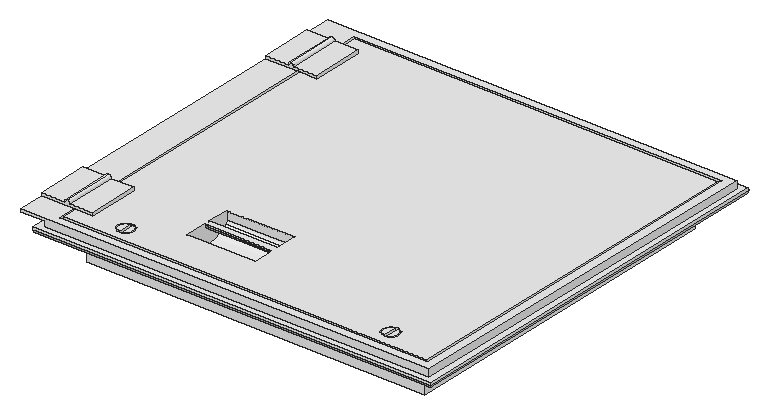
Revit family "Floor_Door-Best-Access-Doors-Flush_Floodtight_Gastight-BA-GTFD_Series", category Specialty Equipment, host Face, Revit 2017
Family settings
  Host = Face
  Round Connector Dimension = Use Diameter
  Part Type = Normal
  OmniClass Number = 23.40.00.00
  Cut with Voids When Loaded = Yes
  Shared = Yes
  Room Calculation Point = No
Parameters (values of type "BA-GTFD 30x30")
  Width = 30"
  URL = "https://www.bestaccessdoors.com/"
  Standard Cam Latch = yes
  Shipping Weight = 105 lbf
  Product data url = "https://bimobject.com/best-access-doors/product/gas-tight-floor-hatch"
  Product URL = ""
  Product Documentation Link = ""
  Model = "BA-GTFD 30x30"
  Material = "Aluminum-Best-Access-Doors-Satin"  # constant formula
  Manufacturer = "Best Access Doors"  # constant formula
  Length = 3 3/4"  # constant formula
  Label = "Access Door"
  Installation Type = "Floor"
  Height = 30"
  Finish = Aluminum-Best-Access-Doors-Satin
  Description = "BA-GTFD - Floodtight/Gastight Floor Door"  # constant formula
  Default Elevation = 48"
  Assembly Code = "C1020700"
Types (8): name | Width | Shipping Weight | Model | Height | Default Elevation
  BA-GTFD 24x24 | 24" | 75 lbf | "BA-GTFD 24x24" | 24" | 0"
  BA-GTFD 24x36 | 24" | 100 lbf | "BA-GTFD 24x36" | 36" | 48"
  BA-GTFD 30x30 | 30" | 105 lbf | "BA-GTFD 30x30" | 30" | 48"
  BA-GTFD 30x36 | 30" | 115 lbf | "BA-GTFD 30x36" | 36" | 48"
  BA-GTFD 36x36 | 36" | 130 lbf | "BA-GTFD 36x36" | 36" | 48"
  BA-GTFD 36x48 | 36" | 155 lbf | "BA-GTFD 36x48" | 48" | 48"
  BA-GTFD 24x30 | 24" | 90 lbf | "BA-GTFD 24x30" | 30" | 48"
  BA-GTFD 30x48 | 30" | 140 lbf | "BA-GTFD 30x48" | 48" | 48"
Reference planes (in)
  plane 1 "Center (Front/Back)": y = 0
  plane 2: z = 0
  plane 3 "Center (Left/Right)": x = 0
  plane 4: z = -3.75
  plane 5: x = 14
  plane 6: x = -14
  plane 7: x = -15
  plane 8: y = 15
  plane 9: y = -15
  plane 10: x = 15
  plane 11: y = 18
  plane 12: y = -18
  plane 13: x = -18
  plane 14: x = 18
  plane 15: x = -19.625
  plane 16: x = -17.3125
  plane 17: x = -12
  plane 18: x = 12
Forms (in)
  Sweep 1, solid, material "Aluminum-Best-Access-Doors-Satin" <- "Finish"
    path origin (0, 0, 0) x (1, 0, 0) y (0, 1, 0)
      loop
        line (-15, 15) -> (-15, -15) -> (15, -15) -> (15, 15) -> (-15, 15)
    profile origin (0, 15, 0) x (0, 1, 0) y (0, 0, 1)
      loop
        line (2.4387752, 0) -> (1.6623767, 0) -> (1.6623767, -0.6614448) -> (1.2945553, -0.6614448) -> (1.2945553, -0.25) -> (1.4711096, -0.25) -> (1.4711096, 0) -> (-8.9431173, 0) -> (-8.9431173, -3.75) -> (0.3068827, -3.75) -> (0.3068827, -1.1614448) -> (2.75, -1.1614448)
        arc (2.75, -1.1614448) -> (2.9267767, -1.0882215) -> (3, -0.9114448) r 0.25
        line (3, -0.9114448) -> (3, -0.6614448) -> (2.4387752, -0.6614448) -> (2.4387752, 0)
  Extrusion 2, solid, material "Aluminum-Best-Access-Doors-Satin" <- "Finish"
    sketch origin (0, 0, 0) x (1, 0, 0) y (0, 1, 0)
      loop
        line (-6.0568827, 6.0568827) -> (-6.0568827, -6.0568827) -> (6.0568827, -6.0568827) -> (6.0568827, 6.0568827) -> (-6.0568827, 6.0568827)
    from -3.75 to 0
  Extrusion 3, void
    sketch origin (0, -3, 0) x (0, 1, 0) y (0, 0, 1)
      loop
        line (-5.4952253, 0.4297461) -> (-7.5064987, 0.4297461) -> (-7.5064987, -0.1449122)
        arc (-7.5064987, -0.1449122) -> (-7.74478, -0.3831935) -> (-7.9830612, -0.1449122) r 0.2382813
        line (-7.9830612, -0.1449122) -> (-7.9830612, 0.4297461) -> (-9.9943346, 0.4297461) -> (-9.9943346, -0.730955)
        arc (-9.9943346, -0.730955) -> (-9.9563921, -0.8993929) -> (-9.8498937, -1.0352939) r 0.3928432
        arc (-9.8498937, -1.0352939) -> (-7.74478, -1.7853347) -> (-5.6396663, -1.0352939) r 3.3291954
        arc (-5.6396663, -1.0352939) -> (-5.5331679, -0.8993929) -> (-5.4952253, -0.730955) r 0.3928432
        line (-5.4952253, -0.730955) -> (-5.4952253, 0.4297461)
    from -8.0568827 to -1.8762353
  Extrusion 4, void
    sketch origin (0, 0, 0) x (1, 0, 0) y (0, 1, 0)
      loop
        line (-19.625, 17.4387752) -> (-19.625, -17.4387752) -> (17.4387752, -17.4387752) -> (17.4387752, 17.4387752) -> (-19.625, 17.4387752)
    from -1.1614448 to 0
  Extrusion 5, solid, material "Aluminum-Best-Access-Doors-Satin" <- "Finish"
    sketch origin (0, 0, 0) x (1, 0, 0) y (0, 1, 0)
      loop
        line (-17.4387752, -17.4387752) -> (-17.4387752, 17.4387752) -> (-19.625, 17.4387752) -> (-19.625, -17.4387752) -> (-17.4387752, -17.4387752)
    from -0.25 to 0
  Extrusion 6, solid, material "Aluminum-Best-Access-Doors-Satin" <- "Finish"
    sketch origin (0, 0, 0) x (1, 0, 0) y (0, 0, 1)
      loop
        line (-19.625, 0) -> (-15, 0) -> (-15, 0.25) -> (-17.0742523, 0.25)
        arc (-17.0742523, 0.25) -> (-17.1440334, 0.4184666) -> (-17.3125, 0.4882477) r 0.2382477
        arc (-17.3125, 0.4882477) -> (-17.4809666, 0.4184666) -> (-17.5507477, 0.25) r 0.2382477
        line (-17.5507477, 0.25) -> (-19.625, 0.25) -> (-19.625, 0)
    from -15 to -10.346252
  Extrusion 7, solid, material "Aluminum-Best-Access-Doors-Satin" <- "Finish"
    sketch origin (0, 0, 0) x (1, 0, 0) y (0, 0, -1)
      loop
        line (-19.625, 0) -> (-19.625, -0.25) -> (-17.5507477, -0.25)
        arc (-17.5507477, -0.25) -> (-17.4809666, -0.4184666) -> (-17.3125, -0.4882477) r 0.2382477
        arc (-17.3125, -0.4882477) -> (-17.1440334, -0.4184666) -> (-17.0742523, -0.25) r 0.2382477
        line (-17.0742523, -0.25) -> (-15, -0.25) -> (-15, 0) -> (-19.625, 0)
    from -15 to -10.346252
  Extrusion 8, void
    sketch origin (0, 0, 0) x (1, 0, 0) y (0, 1, 0)
      loop
        circle (-12, -15) r 0.75
      loop
        circle (12, -15) r 0.75
      loop
        circle (-12, -15) r 0.6241398
      loop
        circle (12, -15) r 0.625
    from -0.25 to 0
  Extrusion 9, void
    sketch origin (0, 0, 0) x (1, 0, 0) y (0, 1, 0)
      loop
        line (-12.1076892, -14.3136878) -> (-12.1076892, -15.6863122) -> (-11.8923108, -15.6863122) -> (-11.8923108, -14.3136878) -> (-12.1076892, -14.3136878)
      loop
        line (12.1076892, -14.3136878) -> (11.8923108, -14.3136878) -> (11.8923108, -15.6863122) -> (12.1076892, -15.6863122) -> (12.1076892, -14.3136878)
    from -0.25 to 0
  Extrusion 10, void
    sketch origin (0, 0, 0) x (1, 0, 0) y (0, 1, 0)
      loop
        line (-19.625, 17.4387752) -> (-19.625, -17.4387752) -> (17.4387752, -17.4387752) -> (17.4387752, 17.4387752) -> (-19.625, 17.4387752)
    from -3.75 to 0.25
Cuts and joins
  Extrusion 3, Extrusion 8, Extrusion 9 cuts Sweep 1
  Extrusion 3, Extrusion 8, Extrusion 9 cuts Extrusion 2
  Extrusion 8, Extrusion 9 cuts Extrusion 5
  Extrusion 8, Extrusion 9 cuts Extrusion 6
  joined: Sweep 1, Extrusion 2, Extrusion 5, Extrusion 6
Lines and regions (in)
  Masking region 1
    outline origin (0, 0, 0) x (1, 0, 0) y (0, 1, 0)
      loop
        line (-18, 17.4387752) -> (-19.625, 17.4387752) -> (-19.625, -17.4387752) -> (-18, -17.4387752) -> (-18, -18) -> (18, -18) -> (18, 18) -> (-18, 18) -> (-18, 17.4387752)
  symbolic lines
    curve 1: line (-18, 17.4387752, 0) -> (14.4387752, 17.4387752, 0)
    curve 2: line (14.4387752, 17.4387752, 0) -> (14.4387752, -17.4387752, 0)
    curve 3: line (14.4387752, -17.4387752, 0) -> (-18, -17.4387752, 0)
    curve 4: line (-19.625, -10.346252, 0) -> (-15, -10.346252, 0)
    curve 5: line (-15, -10.346252, 0) -> (-15, -15, 0)
    curve 6: line (-15, -15, 0) -> (-19.625, -15, 0)
    curve 7: line (-17.5507477, -10.346252, 0) -> (-17.5507477, -15, 0)
    curve 8: line (-17.0742523, -15, 0) -> (-17.0742523, -10.346252, 0)
    curve 9: line (-8.0568827, -8.4952253, 0) -> (-1.8762353, -8.4952253, 0)
    curve 10: line (-8.0568827, -12.9943346, 0) -> (-8.0568827, -8.4952253, 0)
    curve 11: line (-1.8762353, -12.9943346, 0) -> (-8.0568827, -12.9943346, 0)
    curve 12: line (-1.8762353, -8.4952253, 0) -> (-1.8762353, -12.9943346, 0)
    curve 13: line (-8.0568827, -10.5064987, 0) -> (-1.8762353, -10.5064987, 0)
    curve 14: line (-8.0568827, -10.9830612, 0) -> (-1.8762353, -10.9830612, 0)
    curve 15: line (-16.6623767, 15, 0) -> (-16.6623767, 16.6623767, 0)
    curve 16: line (-16.6623767, 16.6623767, 0) -> (16.6623767, 16.6623767, 0)
    curve 17: line (16.6623767, 16.6623767, 0) -> (16.6623767, -16.6623767, 0)
    curve 18: line (16.6623767, -16.6623767, 0) -> (-16.6623767, -16.6623767, 0)
    curve 19: line (-16.6623767, -16.6623767, 0) -> (-16.6623767, -15, 0)
    curve 20: line (-16.4711096, -15, 0) -> (-16.4711096, -16.4711096, 0)
    curve 21: line (-16.4711096, -16.4711096, 0) -> (16.4711096, -16.4711096, 0)
    curve 22: line (16.4711096, -16.4711096, 0) -> (16.4711096, 16.4711096, 0)
    curve 23: line (16.4711096, 16.4711096, 0) -> (-16.4711096, 16.4711096, 0)
    curve 24: line (-16.4711096, 16.4711096, 0) -> (-16.4711096, 15, 0)
    curve 25: line (-19.625, 15, 0) -> (-15, 15, 0)
    curve 26: line (-15, 15, 0) -> (-15, 10.346252, 0)
    curve 27: line (-15, 10.346252, 0) -> (-19.625, 10.346252, 0)
    curve 28: line (-17.5507477, 15, 0) -> (-17.5507477, 10.346252, 0)
    curve 29: line (-17.0742523, 15, 0) -> (-17.0742523, 10.346252, 0)
    curve 30: circle (-12, -15, 0) r 0.75 normal (0, 0, 1)
    curve 31: circle (12, -15, 0) r 0.75 normal (0, 0, 1)
    curve 32: line (12.1076892, -14.3843475, 0) -> (12.1076892, -15.6156525, 0)
    curve 33: arc (12.1076892, -15.6156525, 0) -> (12.4785032, -15.4020692, 0) -> (12.625, -15, 0) r 0.625
    curve 34: arc (12.625, -15, 0) -> (12.4785032, -14.5979308, 0) -> (12.1076892, -14.3843475, 0) r 0.625
    curve 35: line (11.8923108, -15.6156525, 0) -> (11.8923108, -14.3843475, 0)
    curve 36: arc (11.8923108, -14.3843475, 0) -> (11.5214968, -14.5979308, 0) -> (11.375, -15, 0) r 0.625
    curve 37: arc (11.375, -15, 0) -> (11.5214968, -15.4020692, 0) -> (11.8923108, -15.6156525, 0) r 0.625
    curve 38: arc (-11.3758602, -15, 0) -> (-11.5221069, -14.5985418, 0) -> (-11.8923108, -14.3852208, 0) r 0.6241398
    curve 39: line (-11.8923108, -14.3852208, 0) -> (-11.8923108, -15.6147792, 0)
    curve 40: arc (-11.8923108, -15.6147792, 0) -> (-11.5221069, -15.4014582, 0) -> (-11.3758602, -15, 0) r 0.6241398
    curve 41: line (-12.1076892, -15.6147792, 0) -> (-12.1076892, -14.3852208, 0)
    curve 42: arc (-12.1076892, -14.3852208, 0) -> (-12.4778931, -14.5985418, 0) -> (-12.6241398, -15, 0) r 0.6241398
    curve 43: arc (-12.6241398, -15, 0) -> (-12.4778931, -15.4014582, 0) -> (-12.1076892, -15.6147792, 0) r 0.6241398
    curve 44: line (-16.6623767, 10.346252, 0) -> (-16.6623767, -10.346252, 0)
    curve 45: line (-16.4711096, -10.346252, 0) -> (-16.4711096, 10.346252, 0)
    curve 46: line (-17.4387752, 17.4387752, 0) -> (-17.4387752, 15, 0)
    curve 47: line (-17.4387752, 10.346252, 0) -> (-17.4387752, -10.346252, 0)
    curve 48: line (-17.4387752, -15, 0) -> (-17.4387752, -17.4387752, 0)
Dimensions and locks (in)
  equal spacing: plane 7, plane 3 "Center (Left/Right)", plane 10
  "Width": plane 7 to plane 10
  equal spacing: plane 8, plane 1 "Center (Front/Back)", plane 9
  "Height": plane 8 to plane 9
  locked: plane 12 to plane 9 at 3
  locked: plane 11 to plane 8 at 3
  locked: plane 13 to plane 7 at 3
  locked: plane 10 to plane 14 at 3
  "Length": plane 4 to level
  locked: profile plane to Sweep 1 sketch curve at 0.6614448
  locked: Sweep 1 sketch curve to Sweep 1 sketch curve at 0.5
  locked: plane 11 to Sweep 1 sketch curve at 0.5612248
  locked: Sweep 1 sketch curve to Sweep 1 sketch curve at 0.7763985
  locked: Sweep 1 sketch curve to profile plane at 0.25
  locked: Sweep 1 sketch curve to Sweep 1 sketch curve at 0.3678213
  locked: Sweep 1 sketch curve to Sweep 1 sketch curve at 0.1912671
  locked: Sweep 1 sketch curve to plane 8 at 0.3068827
  locked: plane 8 to Sweep 1 sketch curve at 8.9431173
  locked: plane 15 to plane 7 at 4.625
  equal spacing: plane 7, plane 16, plane 15
  equal spacing: Extrusion 6 sketch curve, plane 16, Extrusion 6 sketch curve
  locked: Extrusion 6 sketch curve to Extrusion 6 sketch curve at 0.4764954
  locked: plane 8 to Extrusion 6 at 4.653748
  locked: plane 9 to Extrusion 7 at 4.653748
  equal spacing: Extrusion 7 sketch curve, plane 16, Extrusion 7 sketch curve
  locked: Extrusion 7 sketch curve to Extrusion 7 sketch curve at 0.4764954
  locked: level to Extrusion 6 sketch curve at 0.25
  locked: plane 7 to plane 17 at 3
  locked: plane 18 to plane 10 at 3
  equal spacing: Extrusion 9 sketch curve, plane 17, Extrusion 9 sketch curve
  locked: Extrusion 9 sketch curve to Extrusion 9 sketch curve at 0.2153783  (x2)
  equal spacing: Extrusion 9 sketch curve, plane 9, Extrusion 9 sketch curve  (x2)
  locked: Extrusion 9 sketch curve to Extrusion 9 sketch curve at 1.3726243  (x2)
  equal spacing: Extrusion 9 sketch curve, plane 18, Extrusion 9 sketch curve
  radius of Extrusion 3 sketch curve = 0.39284"  (x2)
  diameter of Extrusion 8 sketch curve = 1 1/2"  (x2)
  diameter of Extrusion 8 sketch curve = 1.24828"
  diameter of Extrusion 8 sketch curve = 1 1/4"
  aligned and locked: plane 2 to host face
  aligned and locked: level to host face
  aligned and locked: Sweep 1 sketch curve to plane 8
  aligned and locked: plane 7 to Sweep 1 sketch curve
  aligned and locked: Sweep 1 sketch curve to plane 9
  aligned and locked: plane 10 to Sweep 1 sketch curve
  aligned and locked: profile plane to Sweep 1 sketch curve  (x2)
  aligned and locked: plane 4 to Sweep 1 sketch curve
  aligned and locked: plane 11 to Sweep 1 sketch curve  (x2)
  aligned and locked: Sweep 1 sketch curve to Sweep 1 sketch curve
  aligned and locked: Extrusion 2 sketch curve to Sweep 1  (x4)
  aligned and locked: plane 4 to Extrusion 2
  aligned and locked: level to Extrusion 2
  aligned and locked: Extrusion 4 sketch curve to cut or joined group of Sweep 1, Extrusion 2, Extrusion 3, Extrusion 5, Extrusion 6, Extrusion 8, Extrusion 9  (x3)
  aligned and locked: cut or joined group of Sweep 1, Extrusion 2, Extrusion 3, Extrusion 5, Extrusion 6, Extrusion 8, Extrusion 9 to Extrusion 4
  aligned and locked: level to Extrusion 4
  aligned and locked: Extrusion 5 sketch curve to plane 15
  aligned and locked: Extrusion 5 sketch curve to cut or joined group of Sweep 1, Extrusion 2, Extrusion 3, Extrusion 5, Extrusion 6, Extrusion 8, Extrusion 9  (x3)
  aligned and locked: Extrusion 4 sketch curve to plane 15
  aligned and locked: Extrusion 5 to cut or joined group of Sweep 1, Extrusion 2, Extrusion 3, Extrusion 5, Extrusion 6, Extrusion 8, Extrusion 9
  aligned and locked: level to Extrusion 5
  aligned and locked: plane 16 to Extrusion 6 sketch curve
  aligned and locked: Extrusion 6 sketch curve to plane 15
  aligned and locked: Extrusion 6 sketch curve to plane 7
  aligned and locked: level to Extrusion 6 sketch curve
  aligned and locked: plane 8 to Extrusion 6
  aligned and locked: plane 9 to Extrusion 7
  aligned and locked: Extrusion 7 to cut or joined group of Sweep 1, Extrusion 2, Extrusion 3, Extrusion 5, Extrusion 6, Extrusion 8, Extrusion 9  (x2)
  aligned and locked: cut or joined group of Sweep 1, Extrusion 2, Extrusion 3, Extrusion 5, Extrusion 6, Extrusion 8, Extrusion 9 to Extrusion 7
  aligned and locked: plane 16 to Extrusion 7 sketch curve
  aligned and locked: Extrusion 7 sketch curve to Extrusion 7 sketch curve
  aligned and locked: plane 17 to Extrusion 8 sketch curve  (x2)
  aligned and locked: plane 18 to Extrusion 8 sketch curve  (x2)
  aligned and locked: plane 9 to Extrusion 8 sketch curve  (x4)
  aligned and locked: Sweep 1 to Extrusion 8
  aligned and locked: host face to Extrusion 8
  aligned and locked: Sweep 1 to Extrusion 9
  aligned and locked: host face to Extrusion 9
  aligned and locked: Extrusion 10 sketch curve to cut or joined group of Sweep 1, Extrusion 2, Extrusion 3, Extrusion 5, Extrusion 6, Extrusion 8, Extrusion 9  (x4)
  aligned and locked: Extrusion 10 to cut or joined group of Sweep 1, Extrusion 2, Extrusion 3, Extrusion 5, Extrusion 6, Extrusion 8, Extrusion 9  (x2)
  aligned and locked: Masking region 1 sketch curve to cut or joined group of Sweep 1, Extrusion 2, Extrusion 3, Extrusion 5, Extrusion 6, Extrusion 8, Extrusion 9  (x7)
  aligned and locked: cut or joined group of Sweep 1, Extrusion 2, Extrusion 3, Extrusion 5, Extrusion 6, Extrusion 8, Extrusion 9 to Masking region 1 sketch curve
  aligned and locked: curve 9 to cut or joined group of Sweep 1, Extrusion 2, Extrusion 3, Extrusion 5, Extrusion 6, Extrusion 8, Extrusion 9
  aligned and locked: curve 10 to cut or joined group of Sweep 1, Extrusion 2, Extrusion 3, Extrusion 5, Extrusion 6, Extrusion 8, Extrusion 9
  aligned and locked: curve 11 to cut or joined group of Sweep 1, Extrusion 2, Extrusion 3, Extrusion 5, Extrusion 6, Extrusion 8, Extrusion 9
  aligned and locked: curve 12 to cut or joined group of Sweep 1, Extrusion 2, Extrusion 3, Extrusion 5, Extrusion 6, Extrusion 8, Extrusion 9
  aligned and locked: curve 13 to cut or joined group of Sweep 1, Extrusion 2, Extrusion 3, Extrusion 5, Extrusion 6, Extrusion 8, Extrusion 9
  aligned and locked: curve 10 to curve 14
  aligned and locked: curve 14 to cut or joined group of Sweep 1, Extrusion 2, Extrusion 3, Extrusion 5, Extrusion 6, Extrusion 8, Extrusion 9
  aligned and locked: curve 32 to cut or joined group of Sweep 1, Extrusion 2, Extrusion 3, Extrusion 5, Extrusion 6, Extrusion 8, Extrusion 9
  aligned and locked: curve 33 to cut or joined group of Sweep 1, Extrusion 2, Extrusion 3, Extrusion 5, Extrusion 6, Extrusion 8, Extrusion 9
  aligned and locked: curve 34 to cut or joined group of Sweep 1, Extrusion 2, Extrusion 3, Extrusion 5, Extrusion 6, Extrusion 8, Extrusion 9
  aligned and locked: curve 35 to cut or joined group of Sweep 1, Extrusion 2, Extrusion 3, Extrusion 5, Extrusion 6, Extrusion 8, Extrusion 9
  aligned and locked: curve 36 to cut or joined group of Sweep 1, Extrusion 2, Extrusion 3, Extrusion 5, Extrusion 6, Extrusion 8, Extrusion 9
  aligned and locked: curve 37 to cut or joined group of Sweep 1, Extrusion 2, Extrusion 3, Extrusion 5, Extrusion 6, Extrusion 8, Extrusion 9
  aligned and locked: curve 38 to cut or joined group of Sweep 1, Extrusion 2, Extrusion 3, Extrusion 5, Extrusion 6, Extrusion 8, Extrusion 9
  aligned and locked: curve 39 to cut or joined group of Sweep 1, Extrusion 2, Extrusion 3, Extrusion 5, Extrusion 6, Extrusion 8, Extrusion 9
  aligned and locked: curve 40 to cut or joined group of Sweep 1, Extrusion 2, Extrusion 3, Extrusion 5, Extrusion 6, Extrusion 8, Extrusion 9
  aligned and locked: curve 41 to cut or joined group of Sweep 1, Extrusion 2, Extrusion 3, Extrusion 5, Extrusion 6, Extrusion 8, Extrusion 9
  aligned and locked: curve 42 to cut or joined group of Sweep 1, Extrusion 2, Extrusion 3, Extrusion 5, Extrusion 6, Extrusion 8, Extrusion 9
  aligned and locked: curve 43 to cut or joined group of Sweep 1, Extrusion 2, Extrusion 3, Extrusion 5, Extrusion 6, Extrusion 8, Extrusion 9
  aligned and locked: curve 30 to cut or joined group of Sweep 1, Extrusion 2, Extrusion 3, Extrusion 5, Extrusion 6, Extrusion 8, Extrusion 9
  aligned and locked: curve 31 to cut or joined group of Sweep 1, Extrusion 2, Extrusion 3, Extrusion 5, Extrusion 6, Extrusion 8, Extrusion 9
  aligned and locked: cut or joined group of Sweep 1, Extrusion 2, Extrusion 3, Extrusion 5, Extrusion 6, Extrusion 8, Extrusion 9 to curve 48  (x2)
  aligned and locked: Extrusion 7 to curve 48
  aligned and locked: curve 8 to Extrusion 7
  aligned and locked: curve 7 to Extrusion 7
  aligned and locked: Extrusion 7 to curve 7
  aligned and locked: Extrusion 7 to curve 8  (x2)
  aligned and locked: curve 29 to cut or joined group of Sweep 1, Extrusion 2, Extrusion 3, Extrusion 5, Extrusion 6, Extrusion 8, Extrusion 9
  aligned and locked: curve 28 to cut or joined group of Sweep 1, Extrusion 2, Extrusion 3, Extrusion 5, Extrusion 6, Extrusion 8, Extrusion 9
  aligned and locked: cut or joined group of Sweep 1, Extrusion 2, Extrusion 3, Extrusion 5, Extrusion 6, Extrusion 8, Extrusion 9 to curve 46
  aligned and locked: cut or joined group of Sweep 1, Extrusion 2, Extrusion 3, Extrusion 5, Extrusion 6, Extrusion 8, Extrusion 9 to curve 47
  aligned and locked: cut or joined group of Sweep 1, Extrusion 2, Extrusion 3, Extrusion 5, Extrusion 6, Extrusion 8, Extrusion 9 to curve 45
  aligned and locked: cut or joined group of Sweep 1, Extrusion 2, Extrusion 3, Extrusion 5, Extrusion 6, Extrusion 8, Extrusion 9 to curve 44
  aligned and locked: cut or joined group of Sweep 1, Extrusion 2, Extrusion 3, Extrusion 5, Extrusion 6, Extrusion 8, Extrusion 9 to curve 28
  aligned and locked: curve 1 to curve 46
  aligned and locked: curve 46 to cut or joined group of Sweep 1, Extrusion 2, Extrusion 3, Extrusion 5, Extrusion 6, Extrusion 8, Extrusion 9
  aligned and locked: cut or joined group of Sweep 1, Extrusion 2, Extrusion 3, Extrusion 5, Extrusion 6, Extrusion 8, Extrusion 9 to curve 15
  aligned and locked: curve 16 to cut or joined group of Sweep 1, Extrusion 2, Extrusion 3, Extrusion 5, Extrusion 6, Extrusion 8, Extrusion 9
  aligned and locked: cut or joined group of Sweep 1, Extrusion 2, Extrusion 3, Extrusion 5, Extrusion 6, Extrusion 8, Extrusion 9 to curve 23
  aligned and locked: curve 24 to cut or joined group of Sweep 1, Extrusion 2, Extrusion 3, Extrusion 5, Extrusion 6, Extrusion 8, Extrusion 9
  aligned and locked: curve 44 to cut or joined group of Sweep 1, Extrusion 2, Extrusion 3, Extrusion 5, Extrusion 6, Extrusion 8, Extrusion 9
  aligned and locked: curve 45 to cut or joined group of Sweep 1, Extrusion 2, Extrusion 3, Extrusion 5, Extrusion 6, Extrusion 8, Extrusion 9
  aligned and locked: cut or joined group of Sweep 1, Extrusion 2, Extrusion 3, Extrusion 5, Extrusion 6, Extrusion 8, Extrusion 9 to curve 19
  aligned and locked: cut or joined group of Sweep 1, Extrusion 2, Extrusion 3, Extrusion 5, Extrusion 6, Extrusion 8, Extrusion 9 to curve 20
  aligned and locked: cut or joined group of Sweep 1, Extrusion 2, Extrusion 3, Extrusion 5, Extrusion 6, Extrusion 8, Extrusion 9 to curve 18
  aligned and locked: curve 21 to cut or joined group of Sweep 1, Extrusion 2, Extrusion 3, Extrusion 5, Extrusion 6, Extrusion 8, Extrusion 9
  aligned and locked: curve 17 to cut or joined group of Sweep 1, Extrusion 2, Extrusion 3, Extrusion 5, Extrusion 6, Extrusion 8, Extrusion 9
  aligned and locked: curve 22 to cut or joined group of Sweep 1, Extrusion 2, Extrusion 3, Extrusion 5, Extrusion 6, Extrusion 8, Extrusion 9
Automatic sketch dimensions
  host sketch curve to host sketch curve = 96"  (x2)
  Sweep 1 sketch curve to Sweep 1 sketch curve = 1/4"
  level to Extrusion 3 sketch curve = 0.42975"  (x2)
  Extrusion 3 sketch curve to plane 9 = 2.00567"
  Extrusion 3 sketch curve to Extrusion 3 sketch curve = 1.61843"  (x2)
  Extrusion 3 sketch curve to Extrusion 3 sketch curve = 61/256"  (x2)
  Extrusion 3 sketch curve to level = 0.14491"
  Extrusion 3 sketch curve to level = 0.73096"  (x2)
  Extrusion 3 sketch curve to Extrusion 3 sketch curve = 1.11411"
  Extrusion 3 sketch curve to Extrusion 3 sketch curve = 0"
  Extrusion 7 sketch curve to level = 0"
  plane 15 to Extrusion 7 sketch curve = 0"
  plane 7 to Extrusion 7 sketch curve = 0"
  Extrusion 7 sketch curve to Extrusion 7 sketch curve = 0"
  level to Extrusion 7 sketch curve = 1/4"
  curve 6 to plane 15 = 0"
  curve 27 to plane 15 = 0"
  curve 4 to plane 15 = 0"
  curve 25 to plane 15 = 0"
  curve 1 to plane 13 = 0"
  curve 3 to plane 13 = 0"
  curve 4 to plane 7 = 0"
  curve 25 to plane 7 = 0"
  plane 5 to curve 2 = 0.43878"
  curve 2 to plane 11 = 0.56122"
